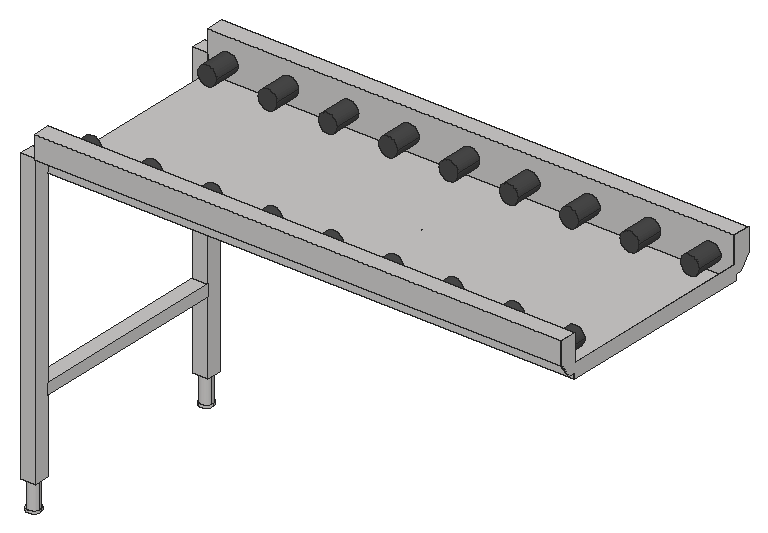
Revit family "QF_ELECTROLUXPROFESSIONAL_863002_HSSRC14", category Specialty Equipment, Revit 2018
Family settings
  Round Connector Dimension = Use Diameter
  Part Type = Normal
  Work Plane-Based = No
  Always vertical = Yes
  Cut with Voids When Loaded = No
  Shared = No
  Room Calculation Point = No
Parameters
  Weight = 0.00 kg
  Watts = 0 W
  Volts = 0 V
  URL Manufacturer = "http://professional.electrolux.com/"
  URL = "http://professional.electrolux.com/"
  Steam Supply Size = 0 mm
  Steam Supply Minimum Pressure = 0.0 Pa
  Steam Supply Maximum Pressure = 0.0 Pa
  Steam Pounds per Hour = 0
  Refrigeration Suction Line Size = 0 mm
  Refrigeration Liquid Line Size = 0 mm
  Refrigerant Compressor Remote = yes
  Manufacturer = "Electrolux"
  Phase = 0
  Model = "HSSRC14"
  Length Actual = 1400 mm  # constant formula
  Item Number = "863002"
  Hot Water Size = 0 mm
  Height Actual = 910 mm  # constant formula
  HP = "0 HP"
  Gas Size = 0 mm
  Gas KW = 0
  Gas Input Pressure = 0 W
  Description = "CONVEYOR, SHORT ROLLERS, L=1400 MM"
  Depth Actual = 620 mm  # constant formula
  Cycle = 0 Hz
  Condensate Return Size = 0 mm
  Compressed Air Volume = 0.0 L/s
  Compressed Air Size = 0 mm
  Compressed Air Pressure = 0.0 Pa
  Cold Water Size = 0 mm
  Accessory = yes
Reference planes
  plane 1 "Centro (Fronte/Retro)": y = 74.737
  plane 2: z = 0
  plane 3 "LEFT": x = -1038.761
  plane 4 "BACK": y = 384.737
  plane 5 "FRONT": y = -235.263
  plane 6: z = 910
  plane 7 "RIGHT": x = 361.239
  plane 8: x = -308.761
Forms (mm)
  Extrusion 1, solid, material "QF_Finishes_Stainless Steel"
    sketch origin (0, 74.737, 0) x (1, 0, 0) y (0, 0, 1)
      loop
        line (-1079.929, 300) -> (-1079.929, 270) -> (-1039.929, 270) -> (-1039.929, 300) -> (-1079.929, 300)
    from -266.504 to 266.46
  Extrusion 2, solid, material "QF_Finishes_Stainless Steel"
    sketch origin (11.239, 0, 0) x (0, 1, 0) y (0, 0, 1)
      loop
        line (-235.263, 910) -> (-235.263, 850.033) -> (-190.242, 850.033) -> (-190.242, 910) -> (-235.263, 910)
      loop
        line (384.737, 910) -> (339.716, 910) -> (339.716, 850.033) -> (384.737, 850.033) -> (384.737, 910)
    from -1050 to 348.8
  Extrusion 3, solid, material "QF_Finishes_Stainless Steel"
    sketch origin (11.239, 0, 0) x (0, 1, 0) y (0, 0, 1)
      loop
        line (-191.727, 850.033) -> (-191.727, 800.081) -> (341.245, 800.081) -> (341.245, 850.033) -> (339.716, 850.033) -> (339.716, 803.081) -> (-190.242, 803.081) -> (-190.242, 850.033) -> (-191.727, 850.033)
    from -1050 to 348.8
  Extrusion 4, solid, material "QF_Finishes_Black"
    sketch origin (0, 74.737, 0) x (1, 0, 0) y (0, 0, 1)
      loop
        circle (-980.637, 850.115) r 25
      loop
        circle (-820.318, 850.115) r 25
      loop
        circle (-659.999, 850.115) r 25
      loop
        circle (-499.68, 850.115) r 25
      loop
        circle (-339.361, 850.115) r 25
      loop
        circle (-179.042, 850.115) r 25
      loop
        circle (-18.723, 850.115) r 25
      loop
        circle (301.915, 850.115) r 25
      loop
        circle (141.596, 850.115) r 25
    from 190.58 to 260.534
  Extrusion 5, solid, material "QF_Finishes_Stainless Steel"
    sketch origin (1861.239, 723.253, 4000) x (0, 1, 0) y (0, 0, 1)
      loop
        line (-958.516, -3090) -> (-958.516, -3149.967) -> (-934.752, -3185.632) -> (-915.4, -3185.632) -> (-915.4, -3199.919) -> (-381.633, -3199.919) -> (-381.633, -3185.632) -> (-362.281, -3185.632) -> (-338.516, -3149.967) -> (-338.516, -3090) -> (-383.538, -3090) -> (-383.538, -3161.926) -> (-913.495, -3161.926) -> (-913.495, -3090) -> (-958.516, -3090)
    from -1500 to -1501.2
  Extrusion 6, solid, material "QF_Finishes_Black"
    sketch origin (0, 74.737, 0) x (1, 0, 0) y (0, 0, -1)
      loop
        circle (-980.637, -850.115) r 25
      loop
        circle (-820.318, -850.115) r 25
      loop
        circle (-659.999, -850.115) r 25
      loop
        circle (-499.68, -850.115) r 25
      loop
        circle (-339.361, -850.115) r 25
      loop
        circle (-179.042, -850.115) r 25
      loop
        circle (-18.723, -850.115) r 25
      loop
        circle (301.915, -850.115) r 25
      loop
        circle (141.596, -850.115) r 25
    from 190.58 to 260.534
  Revolve 7, solid, material "QF_Finishes_Stainless Steel"
    sketch origin (-336.185, 0, 0) x (0, 1, 0) y (0, 0, 1)
      loop
        line (74.737, 800.081) -> (12.53, 800.081) -> (12.319, 797.4) -> (12.319, 785.476) -> (17.293, 785.476) -> (17.293, 781.772)
        arc (17.293, 781.772) -> (20.266, 773.808) -> (27.77, 769.813) r 11.998
        line (27.77, 769.813) -> (74.737, 764.085) -> (74.737, 800.081)
      axis (74.737, 764.085) -> (74.737, 800.081)
    angle from 0 to 360
  Revolve 8, solid, material "QF_Finishes_Stainless Steel"
    sketch origin (-306.185, -1524, 744.096) x (0, 0, 1) y (0, -1, 0)
      loop
        line (13.017, -1619.713) -> (30, -1619.713) -> (30, -1598.737) -> (0, -1598.737) -> (0, -1619.713) -> (2.434, -1622.253) -> (10.477, -1622.253) -> (13.017, -1619.713)
      axis (0, -1598.737) -> (30, -1598.737)
    angle from 0 to 360
Cuts and joins
  joined: Extrusion 2, Extrusion 3
Lines and regions (mm)
  Split face 1
    outline origin (1510.739, 339.716, 803.081) x (-1, 0, 0) y (0, -1, 0)
      loop
        circle (1847, 264.904) r 3.016
  Split face 2
    outline origin (1510.739, 339.716, 803.081) x (-1, 0, 0) y (0, -1, 0)
      loop
        circle (1847, 264.904) r 52.991
  Split face 3
    outline origin (1510.739, 339.716, 803.081) x (-1, 0, 0) y (0, -1, 0)
      loop
        circle (1847, 264.904) r 36.015
  Split face 4
    outline origin (1510.739, 339.716, 803.081) x (-1, 0, 0) y (0, -1, 0)
      loop
        circle (1847, 264.904) r 26.027
  Split face 5
    outline origin (1510.739, 339.716, 803.081) x (-1, 0, 0) y (0, -1, 0)
      loop
        circle (1847, 264.904) r 9.056
  Masking region 1
    outline origin (0, 0, 0) x (1, 0, 0) y (0, 1, 0)
      loop
        line (-1038.761, 384.737) -> (-1038.761, -235.263) -> (361.239, -235.263) -> (361.239, 384.737) -> (-1038.761, 384.737)
  symbolic lines
    curve 1: line (361.239, 384.737, 0) -> (-1038.761, 384.737, 0)
    curve 2: line (-1038.761, 384.737, 0) -> (-1038.761, -235.263, 0)
    curve 3: line (-1038.761, 339.716, 0) -> (361.239, 339.716, 0)
    curve 4: line (-1038.761, -235.263, 0) -> (361.239, -235.263, 0)
    curve 5: line (361.239, -235.263, 0) -> (361.239, 384.737, 0)
    curve 6: line (361.239, -190.242, 0) -> (-1038.761, -190.242, 0)
    curve 7: line (-955.637, -115.842, 0) -> (-1005.637, -115.842, 0)
    curve 8: line (-1005.637, -115.842, 0) -> (-1005.637, -185.797, 0)
    curve 9: line (-1005.637, -185.797, 0) -> (-955.637, -185.797, 0)
    curve 10: line (-955.637, -185.797, 0) -> (-955.637, -115.842, 0)
    curve 11: line (361.239, 74.737, 0) -> (331.239, 74.737, 0)
    curve 12: line (-1038.761, 74.737, 0) -> (-1008.761, 74.737, 0)
    curve 13: line (326.915, -115.842, 0) -> (276.915, -115.842, 0)
    curve 14: line (276.915, -115.842, 0) -> (276.915, -185.797, 0)
    curve 15: line (276.915, -185.797, 0) -> (326.915, -185.797, 0)
    curve 16: line (326.915, -185.797, 0) -> (326.915, -115.842, 0)
    curve 17: arc (-336.185, 12.319, 0) -> (-398.604, 74.737, 0) -> (-336.185, 137.156, 0) r 62.418
    curve 18: arc (-336.185, 137.156, 0) -> (-273.767, 74.737, 0) -> (-336.185, 12.319, 0) r 62.418
    curve 19: arc (-306.185, 95.713, 0) -> (-327.162, 74.737, 0) -> (-306.185, 53.761, 0) r 20.976
    curve 20: arc (-306.185, 53.761, 0) -> (-285.209, 74.737, 0) -> (-306.185, 95.713, 0) r 20.976
    curve 21: line (-845.318, -115.842, 0) -> (-795.318, -115.842, 0)
    curve 22: line (-795.318, -115.842, 0) -> (-795.318, -185.797, 0)
    curve 23: line (-795.318, -185.797, 0) -> (-845.318, -185.797, 0)
    curve 24: line (-845.318, -185.797, 0) -> (-845.318, -115.842, 0)
    curve 25: line (-634.999, -115.842, 0) -> (-684.999, -115.842, 0)
    curve 26: line (-684.999, -115.842, 0) -> (-684.999, -185.797, 0)
    curve 27: line (-684.999, -185.797, 0) -> (-634.999, -185.797, 0)
    curve 28: line (-634.999, -185.797, 0) -> (-634.999, -115.842, 0)
    curve 29: line (-474.68, -115.842, 0) -> (-524.68, -115.842, 0)
    curve 30: line (-524.68, -115.842, 0) -> (-524.68, -185.797, 0)
    curve 31: line (-524.68, -185.797, 0) -> (-474.68, -185.797, 0)
    curve 32: line (-474.68, -185.797, 0) -> (-474.68, -115.842, 0)
    curve 33: line (-955.637, 265.317, 0) -> (-1005.637, 265.317, 0)
    curve 34: line (-1005.637, 265.317, 0) -> (-1005.637, 335.271, 0)
    curve 35: line (-1005.637, 335.271, 0) -> (-955.637, 335.271, 0)
    curve 36: line (-955.637, 335.271, 0) -> (-955.637, 265.317, 0)
    curve 37: line (326.915, 265.317, 0) -> (276.915, 265.317, 0)
    curve 38: line (276.915, 265.317, 0) -> (276.915, 335.271, 0)
    curve 39: line (276.915, 335.271, 0) -> (326.915, 335.271, 0)
    curve 40: line (326.915, 335.271, 0) -> (326.915, 265.317, 0)
    curve 41: line (-845.318, 265.317, 0) -> (-795.318, 265.317, 0)
    curve 42: line (-795.318, 265.317, 0) -> (-795.318, 335.271, 0)
    curve 43: line (-795.318, 335.271, 0) -> (-845.318, 335.271, 0)
    curve 44: line (-845.318, 335.271, 0) -> (-845.318, 265.317, 0)
    curve 45: line (-634.999, 265.317, 0) -> (-684.999, 265.317, 0)
    curve 46: line (-684.999, 265.317, 0) -> (-684.999, 335.271, 0)
    curve 47: line (-684.999, 335.271, 0) -> (-634.999, 335.271, 0)
    curve 48: line (-634.999, 335.271, 0) -> (-634.999, 265.317, 0)
    curve 49: line (-474.68, 265.317, 0) -> (-524.68, 265.317, 0)
    curve 50: line (-524.68, 265.317, 0) -> (-524.68, 335.271, 0)
    curve 51: line (-524.68, 335.271, 0) -> (-474.68, 335.271, 0)
    curve 52: line (-474.68, 335.271, 0) -> (-474.68, 265.317, 0)
    curve 53: line (-314.361, -115.842, 0) -> (-364.361, -115.842, 0)
    curve 54: line (-364.361, -115.842, 0) -> (-364.361, -185.797, 0)
    curve 55: line (-364.361, -185.797, 0) -> (-314.361, -185.797, 0)
    curve 56: line (-314.361, -185.797, 0) -> (-314.361, -115.842, 0)
    curve 57: line (-154.042, -115.842, 0) -> (-204.042, -115.842, 0)
    curve 58: line (-204.042, -115.842, 0) -> (-204.042, -185.797, 0)
    curve 59: line (-204.042, -185.797, 0) -> (-154.042, -185.797, 0)
    curve 60: line (-154.042, -185.797, 0) -> (-154.042, -115.842, 0)
    curve 61: line (6.277, -115.842, 0) -> (-43.723, -115.842, 0)
    curve 62: line (-43.723, -115.842, 0) -> (-43.723, -185.797, 0)
    curve 63: line (-43.723, -185.797, 0) -> (6.277, -185.797, 0)
    curve 64: line (6.277, -185.797, 0) -> (6.277, -115.842, 0)
    curve 65: line (166.596, -115.842, 0) -> (116.596, -115.842, 0)
    curve 66: line (116.596, -115.842, 0) -> (116.596, -185.797, 0)
    curve 67: line (116.596, -185.797, 0) -> (166.596, -185.797, 0)
    curve 68: line (166.596, -185.797, 0) -> (166.596, -115.842, 0)
    curve 69: line (-314.361, 265.317, 0) -> (-364.361, 265.317, 0)
    curve 70: line (-364.361, 265.317, 0) -> (-364.361, 335.271, 0)
    curve 71: line (-364.361, 335.271, 0) -> (-314.361, 335.271, 0)
    curve 72: line (-314.361, 335.271, 0) -> (-314.361, 265.317, 0)
    curve 73: line (-154.042, 265.317, 0) -> (-204.042, 265.317, 0)
    curve 74: line (-204.042, 265.317, 0) -> (-204.042, 335.271, 0)
    curve 75: line (-204.042, 335.271, 0) -> (-154.042, 335.271, 0)
    curve 76: line (-154.042, 335.271, 0) -> (-154.042, 265.317, 0)
    curve 77: line (6.277, 265.317, 0) -> (-43.723, 265.317, 0)
    curve 78: line (-43.723, 265.317, 0) -> (-43.723, 335.271, 0)
    curve 79: line (-43.723, 335.271, 0) -> (6.277, 335.271, 0)
    curve 80: line (6.277, 335.271, 0) -> (6.277, 265.317, 0)
    curve 81: line (166.596, 265.317, 0) -> (116.596, 265.317, 0)
    curve 82: line (116.596, 265.317, 0) -> (116.596, 335.271, 0)
    curve 83: line (116.596, 335.271, 0) -> (166.596, 335.271, 0)
    curve 84: line (166.596, 335.271, 0) -> (166.596, 265.317, 0)
Dimensions and locks
  plane 3 "LEFT" to plane 7 "RIGHT" = 1400 mm
  equal spacing: plane 4 "BACK", plane 1 "Centro (Fronte/Retro)", plane 5 "FRONT"
  plane 4 "BACK" to plane 5 "FRONT" = 620 mm
  locked: Extrusion 4 sketch curve to plane 3 "LEFT" at 58.124
  locked: plane 7 "RIGHT" to Extrusion 4 sketch curve at 59.324
  equal spacing: Extrusion 4 sketch curve, Extrusion 4 sketch curve, Extrusion 4 sketch curve, Extrusion 4 sketch curve, Extrusion 4 sketch curve, Extrusion 4 sketch curve, Extrusion 4 sketch curve, Extrusion 4 sketch curve, Extrusion 4 sketch curve
  equal spacing: Extrusion 6 sketch curve, Extrusion 6 sketch curve, Extrusion 6 sketch curve, Extrusion 6 sketch curve, Extrusion 6 sketch curve, Extrusion 6 sketch curve, Extrusion 6 sketch curve, Extrusion 6 sketch curve, Extrusion 6 sketch curve
  aligned and locked: level to plane 2
  aligned and locked: Extrusion 2 to Extrusion 3
Automatic sketch dimensions
  Extrusion 1 sketch curve to plane 3 "LEFT" = 41.168 mm
  Extrusion 1 sketch curve to plane 3 "LEFT" = 1.168 mm
  level to Extrusion 1 sketch curve = 270 mm
  Extrusion 1 sketch curve to Extrusion 1 sketch curve = 30 mm
  Extrusion 2 sketch curve to plane 5 "FRONT" = 0 mm
  Extrusion 2 sketch curve to plane 6 = 0 mm  (x2)
  Extrusion 2 sketch curve to plane 4 "BACK" = 0 mm
  plane 5 "FRONT" to Extrusion 2 sketch curve = 45.021 mm
  Extrusion 2 sketch curve to plane 4 "BACK" = 45.021 mm
  Extrusion 2 sketch curve to Extrusion 2 sketch curve = 59.967 mm  (x2)
  plane 5 "FRONT" to Extrusion 3 sketch curve = 43.536 mm
  Extrusion 3 sketch curve to Extrusion 3 sketch curve = 1.486 mm
  Extrusion 3 sketch curve to plane 4 "BACK" = 45.021 mm
  Extrusion 3 sketch curve to Extrusion 3 sketch curve = 1.529 mm
  Extrusion 3 sketch curve to plane 6 = 109.919 mm
  Extrusion 3 sketch curve to Extrusion 3 sketch curve = 3 mm
  Extrusion 3 sketch curve to Extrusion 3 sketch curve = 46.952 mm  (x2)
  Extrusion 4 sketch curve to plane 6 = 59.885 mm  (x9)
  Masking region 1 sketch curve to plane 3 "LEFT" = 0 mm
  Masking region 1 sketch curve to plane 5 "FRONT" = 0 mm
  Masking region 1 sketch curve to plane 7 "RIGHT" = 0 mm
  Masking region 1 sketch curve to plane 4 "BACK" = 0 mm
  Extrusion 5 sketch curve to plane 5 "FRONT" = 0 mm
  Extrusion 5 sketch curve to plane 6 = 0 mm  (x2)
  Extrusion 5 sketch curve to plane 4 "BACK" = 0 mm
  plane 5 "FRONT" to Extrusion 5 sketch curve = 23.764 mm
  Extrusion 5 sketch curve to Extrusion 5 sketch curve = 19.352 mm  (x2)
  plane 5 "FRONT" to Extrusion 5 sketch curve = 45.021 mm
  Extrusion 5 sketch curve to plane 4 "BACK" = 45.021 mm
  Extrusion 5 sketch curve to Extrusion 5 sketch curve = 1.905 mm
  Extrusion 5 sketch curve to Extrusion 5 sketch curve = 59.967 mm  (x2)
  Extrusion 5 sketch curve to Extrusion 5 sketch curve = 11.959 mm
  Extrusion 5 sketch curve to Extrusion 5 sketch curve = 23.706 mm  (x2)
  Extrusion 5 sketch curve to Extrusion 5 sketch curve = 14.287 mm
  plane 3 "LEFT" to Extrusion 6 sketch curve = 58.124 mm
  Extrusion 6 sketch curve to plane 6 = 59.885 mm  (x9)
  Extrusion 6 sketch curve to Extrusion 6 sketch curve = 160.319 mm
  Revolve 7 sketch curve to plane 1 "Centro (Fronte/Retro)" = 0 mm  (x2)
  plane 1 "Centro (Fronte/Retro)" to Revolve 7 sketch curve = 45.447 mm
  Revolve 7 sketch curve to Revolve 7 sketch curve = 1.52 mm
  Revolve 7 sketch curve to Revolve 7 sketch curve = 11.998 mm
  Revolve 7 sketch curve to Revolve 7 sketch curve = 4.762 mm
  Revolve 7 sketch curve to Revolve 7 sketch curve = 4.974 mm
  Revolve 7 sketch curve to plane 6 = 145.915 mm
  Revolve 7 sketch curve to Revolve 7 sketch curve = 5.727 mm
  Revolve 7 sketch curve to Revolve 7 sketch curve = 11.901 mm
  Revolve 7 sketch curve to Revolve 7 sketch curve = 3.704 mm
  Revolve 7 sketch curve to Revolve 7 sketch curve = 11.924 mm
  Revolve 7 sketch curve to Revolve 7 sketch curve = 2.681 mm
  Revolve 7 sketch curve to Revolve 7 sketch curve = 3 mm
  Revolve 7 sketch curve to Revolve 7 sketch curve = 14.991 mm
  Revolve 8 sketch curve to plane 1 "Centro (Fronte/Retro)" = 0 mm  (x2)
  Revolve 8 sketch curve to plane 1 "Centro (Fronte/Retro)" = 20.976 mm
  Revolve 8 sketch curve to plane 6 = 165.904 mm
  Revolve 8 sketch curve to plane 1 "Centro (Fronte/Retro)" = 23.516 mm
  Revolve 8 sketch curve to Revolve 8 sketch curve = 2.434 mm
  Revolve 8 sketch curve to Revolve 8 sketch curve = 8.043 mm
  Revolve 8 sketch curve to Revolve 8 sketch curve = 2.54 mm  (x2)
  Revolve 8 sketch curve to Revolve 8 sketch curve = 16.983 mm
  Revolve 8 sketch curve to Revolve 8 sketch curve = 3.127 mm
  Revolve 8 sketch curve to Revolve 8 sketch curve = 7.343 mm
  curve 17 to curve 18 = 0 mm  (x2)
  curve 19 to curve 20 = 0 mm  (x2)
  curve 6 to plane 3 "LEFT" = 0 mm
  plane 1 "Centro (Fronte/Retro)" to curve 12 = 0 mm
  plane 1 "Centro (Fronte/Retro)" to curve 17 = 0 mm
  plane 1 "Centro (Fronte/Retro)" to curve 20 = 0 mm
  plane 1 "Centro (Fronte/Retro)" to curve 11 = 0 mm
  curve 6 to plane 7 "RIGHT" = 0 mm
  curve 4 to plane 5 "FRONT" = 0 mm
  curve 2 to plane 4 "BACK" = 0 mm
  plane 3 "LEFT" to curve 35 = 33.124 mm
  plane 3 "LEFT" to curve 8 = 33.124 mm
  curve 8 to curve 9 = 50 mm
  curve 33 to curve 36 = 50 mm
  curve 7 to curve 21 = 110.319 mm
  curve 43 to plane 4 "BACK" = 49.466 mm
  curve 35 to curve 43 = 110.319 mm
  curve 43 to curve 42 = 50 mm
  curve 23 to curve 23 = 50 mm
  curve 41 to curve 46 = 110.319 mm
  plane 5 "FRONT" to curve 27 = 49.466 mm
  curve 22 to curve 27 = 110.319 mm
  curve 46 to curve 48 = 50 mm
  curve 25 to curve 28 = 50 mm
  curve 45 to curve 49 = 110.319 mm
  plane 5 "FRONT" to curve 31 = 49.466 mm
  curve 27 to curve 31 = 110.319 mm
  curve 30 to curve 31 = 50 mm
  curve 49 to curve 49 = 50 mm
  curve 70 to plane 8 = 55.6 mm
  curve 55 to plane 8 = 55.6 mm
  curve 17 to plane 8 = 27.424 mm
  curve 55 to plane 8 = 5.6 mm
  curve 71 to plane 8 = 5.6 mm
  plane 8 to curve 20 = 2.576 mm
  plane 8 to curve 58 = 104.719 mm
  plane 8 to curve 73 = 104.719 mm
  curve 73 to curve 76 = 50 mm
  curve 58 to curve 59 = 50 mm
  curve 73 to curve 78 = 110.319 mm
  plane 5 "FRONT" to curve 62 = 49.466 mm
  curve 59 to curve 62 = 110.319 mm
  curve 77 to curve 80 = 50 mm
  curve 61 to curve 61 = 50 mm
  curve 83 to plane 4 "BACK" = 49.466 mm
  curve 79 to curve 83 = 110.319 mm
  curve 61 to curve 65 = 110.319 mm
  curve 81 to curve 81 = 50 mm
  curve 66 to curve 67 = 50 mm
  curve 14 to plane 7 "RIGHT" = 84.324 mm
  curve 39 to plane 7 "RIGHT" = 84.324 mm
  curve 16 to plane 7 "RIGHT" = 34.324 mm
  curve 39 to plane 7 "RIGHT" = 34.324 mm
  plane 5 "FRONT" to curve 60 = 49.466 mm
  plane 5 "FRONT" to curve 56 = 49.466 mm
  plane 5 "FRONT" to curve 8 = 49.466 mm
  plane 5 "FRONT" to curve 66 = 49.466 mm
  plane 5 "FRONT" to curve 14 = 49.466 mm
  plane 5 "FRONT" to curve 24 = 49.466 mm
  curve 62 to curve 62 = 69.954 mm
  curve 23 to curve 21 = 69.954 mm
  curve 14 to curve 13 = 69.954 mm
  curve 59 to curve 60 = 69.954 mm
  curve 9 to curve 7 = 69.954 mm
  curve 27 to curve 25 = 69.954 mm
  curve 31 to curve 29 = 69.954 mm
  curve 66 to curve 66 = 69.954 mm
  curve 55 to curve 56 = 69.954 mm
  curve 46 to plane 4 "BACK" = 119.42 mm
  curve 38 to plane 4 "BACK" = 119.42 mm
  curve 44 to curve 43 = 69.954 mm
  curve 73 to plane 4 "BACK" = 119.42 mm
  curve 49 to plane 4 "BACK" = 119.42 mm
  curve 69 to curve 73 = 0 mm
  curve 77 to plane 4 "BACK" = 119.42 mm
  curve 34 to plane 4 "BACK" = 119.42 mm
  curve 84 to curve 83 = 69.954 mm
  curve 52 to plane 4 "BACK" = 49.466 mm
  curve 48 to plane 4 "BACK" = 49.466 mm
  curve 40 to plane 4 "BACK" = 49.466 mm
  curve 70 to plane 4 "BACK" = 49.466 mm
  curve 36 to plane 4 "BACK" = 49.466 mm
  curve 74 to plane 4 "BACK" = 49.466 mm
  curve 78 to plane 4 "BACK" = 49.466 mm
  curve 12 to curve 12 = 30 mm
  curve 11 to plane 7 "RIGHT" = 30 mm
  curve 6 to curve 15 = 4.445 mm
  curve 18 to curve 17 = 62.418 mm
  curve 19 to curve 19 = 20.976 mm
  curve 34 to curve 3 = 4.445 mm
  cut or joined group of Extrusion 2, Extrusion 3 to Split face 1 sketch curve = 264.904 mm
  Split face 1 sketch curve to cut or joined group of Extrusion 2, Extrusion 3 = 696.3 mm
  cut or joined group of Extrusion 2, Extrusion 3 to Split face 2 sketch curve = 264.904 mm
  Split face 2 sketch curve to cut or joined group of Extrusion 2, Extrusion 3 = 696.3 mm
  cut or joined group of Extrusion 2, Extrusion 3 to Split face 3 sketch curve = 264.904 mm
  Split face 3 sketch curve to cut or joined group of Extrusion 2, Extrusion 3 = 696.3 mm
  cut or joined group of Extrusion 2, Extrusion 3 to Split face 4 sketch curve = 264.904 mm
  Split face 4 sketch curve to cut or joined group of Extrusion 2, Extrusion 3 = 696.3 mm
  cut or joined group of Extrusion 2, Extrusion 3 to Split face 5 sketch curve = 264.904 mm
  Split face 5 sketch curve to cut or joined group of Extrusion 2, Extrusion 3 = 696.3 mm
  radius of Extrusion 4 sketch curve = 25 mm  (x9)
  radius of Extrusion 6 sketch curve = 25 mm  (x9)
  radius of Split face 1 sketch curve = 3.016 mm
  radius of Split face 2 sketch curve = 52.991 mm
  radius of Split face 3 sketch curve = 36.015 mm
  radius of Split face 4 sketch curve = 26.027 mm
  radius of Split face 5 sketch curve = 9.056 mm
Nested families
  nested 1: "Foot_40x40" at (-1059.929, -211.771, 0), type "Foot_40x40"
    with A 850.033 mm
  nested 2: "Foot_40x40" at (-1059.929, 361.245, 0), type "Foot_40x40"
    with A 850.033 mm
Connectors
  piping at (-306.185, 74.737, 744.096), diameter 30
    settings: on Revolve 8, index 5, connector inside diameter 609.6 mm, connector length 0 mm, flow factor 0, pipe flow 0.0 L/s, pressure drop 0.0 Pa, fitting loss kfactor 0, connector angle 0.00°, fixture units 0, engagement length 0 mm, angle of deflection 0.00°, flow configuration 1, flow direction 2, fitting loss method 0, system type 16, joint type 0, gender type 0, connector reference index -1, connector utility 0, adjustable connector no, is connector primary yes, connector description ""
Definition of nested family "Foot_40x40"
  Parameters
    A [instance] = 850 mm
  Reference planes
    plane 1 "Centro (Fronte/Retro)": y = 0
    plane 2: z = 0
    plane 3 "Centro (Sinistra/Destra)": x = 0
    plane 4: z = 850
  Forms (mm)
    Extrusion 1, solid
      sketch origin (0, 0, 0) x (1, 0, 0) y (0, 1, 0)
        loop
          circle (0, 0) r 18
      from 0 to 5
    Extrusion 2, solid
      sketch origin (0, 0, 5) x (1, 0, 0) y (0, 1, 0)
        loop
          circle (0, 0) r 15
      from 0 to 70
    Extrusion 3, solid
      sketch origin (0, 0, 75) x (1, 0, 0) y (0, 1, 0)
        loop
          line (-20, 20) -> (-20, -20) -> (20, -20) -> (20, 20) -> (-20, 20)
      from 0 to 775
  Dimensions and locks
    "A": plane 4 to plane 2
    aligned and locked: level to plane 2
    aligned and locked: plane 4 to Extrusion 3
    aligned and locked: Extrusion 1 to level
  Automatic sketch dimensions
    plane 1 "Centro (Fronte/Retro)" to Extrusion 1 sketch curve = 0 mm
    Extrusion 1 sketch curve to plane 3 "Centro (Sinistra/Destra)" = 0 mm
    Extrusion 3 sketch curve to Extrusion 3 sketch curve = 40 mm  (x2)
    radius of Extrusion 1 sketch curve = 18 mm
    radius of Extrusion 2 sketch curve to Extrusion 1 = 3 mm
